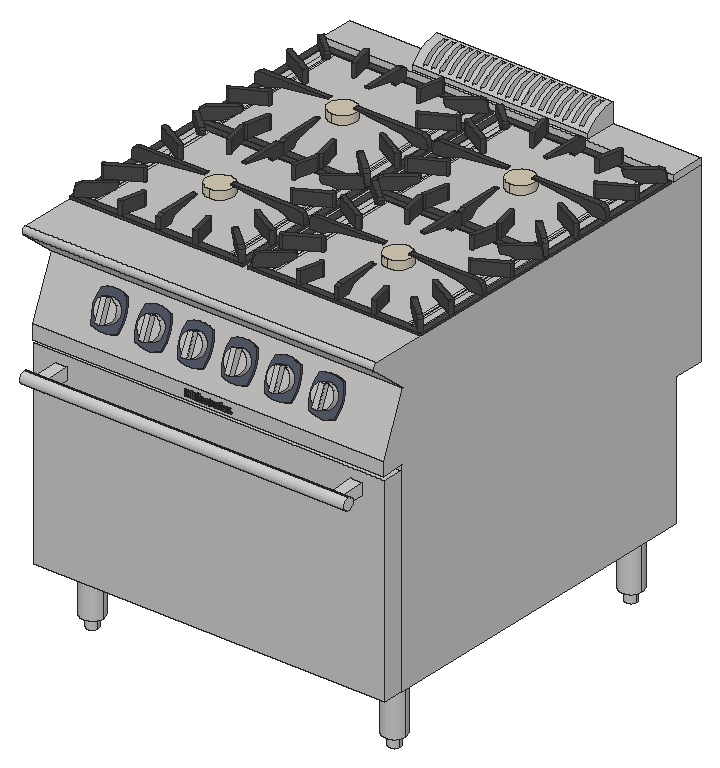
Revit family "QF_ELECTROLUXPROFESSIONAL_391457_E9AAMCBCMEE", category Specialty Equipment, Revit 2023 (continued)
Automatic sketch dimensions
  Extrusion 17 sketch curve to Extrusion 17 sketch curve = 0 mm  (x2)
  Extrusion 17 sketch curve to Extrusion 17 sketch curve = 1.593 mm
  Extrusion 17 sketch curve to Extrusion 17 sketch curve = 5.756 mm
  Extrusion 17 sketch curve to Extrusion 17 sketch curve = 4.906 mm
  Extrusion 17 sketch curve to Extrusion 17 sketch curve = 5.312 mm
  plane 5 "FRONT" to Extrusion 17 sketch curve = 22.691 mm
  Extrusion 17 sketch curve to Extrusion 17 sketch curve = 11.3 mm
  Extrusion 17 sketch curve to Extrusion 17 sketch curve = 28.009 mm
  Extrusion 17 sketch curve to Extrusion 17 sketch curve = 2.83 mm
  Extrusion 18 sketch curve to plane 18 = 0 mm
  Extrusion 18 sketch curve to plane 12 = 298.908 mm
  plane 5 "FRONT" to Extrusion 18 sketch curve = 31.821 mm
  Extrusion 18 sketch curve to Extrusion 18 sketch curve = 3.343 mm
  Extrusion 18 sketch curve to Extrusion 18 sketch curve = 2.066 mm
  Extrusion 18 sketch curve to Extrusion 18 sketch curve = 0 mm  (x2)
  Extrusion 18 sketch curve to Extrusion 18 sketch curve = 1.593 mm
  Extrusion 18 sketch curve to Extrusion 18 sketch curve = 5.756 mm
  Extrusion 18 sketch curve to Extrusion 18 sketch curve = 4.906 mm
  Extrusion 18 sketch curve to Extrusion 18 sketch curve = 5.312 mm
  plane 5 "FRONT" to Extrusion 18 sketch curve = 22.691 mm
  Extrusion 18 sketch curve to Extrusion 18 sketch curve = 11.3 mm
  Extrusion 18 sketch curve to Extrusion 18 sketch curve = 28.009 mm
  Extrusion 18 sketch curve to Extrusion 18 sketch curve = 11.2 mm
  Extrusion 1 to Split face 1 sketch curve = 14.837 mm
  Split face 1 sketch curve to Extrusion 1 = 288.713 mm
  Extrusion 1 to Split face 2 sketch curve = 14.837 mm
  Split face 2 sketch curve to Extrusion 1 = 288.713 mm
  Extrusion 20 sketch curve to Extrusion 1 = 51 mm
  Extrusion 20 sketch curve to Extrusion 1 = 186.437 mm
  Extrusion 21 sketch curve to Extrusion 1 = 151 mm
  Extrusion 21 sketch curve to Extrusion 1 = 316.437 mm
  plane 5 "FRONT" to curve 1 = 0 mm
  plane 1 "BACK" to curve 5 = 0 mm
  curve 5 to plane 4 "RIGHT" = 0 mm
  plane 5 "FRONT" to curve 11 = 0 mm
  curve 10 to plane 3 "LEFT" = 0 mm
  curve 1 to plane 3 "LEFT" = 100.013 mm
  curve 2 to plane 4 "RIGHT" = 100.013 mm
  plane 17 to curve 11 = 0 mm
  curve 3 to plane 5 "FRONT" = 0.396 mm
  plane 11 to curve 7 = 4.762 mm
  curve 2 to plane 1 "BACK" = 100.013 mm
  Extrusion 10 sketch curve to Extrusion 9 = 0 mm  (x2)
  Extrusion 9 to Extrusion 10 sketch curve = 31.592 mm
  Extrusion 9 to Extrusion 10 sketch curve = 0.189 mm
  Extrusion 10 sketch curve to Extrusion 9 = 37.955 mm
  Extrusion 1 sketch curve to plane 12 = 0 mm
  Extrusion 1 sketch curve to plane 9 = 0 mm
  Extrusion 1 sketch curve to plane 1 "BACK" = 0 mm
  plane 16 to Extrusion 1 sketch curve = 44.681 mm
  plane 18 to Extrusion 1 sketch curve = 48.563 mm
  Extrusion 1 sketch curve to Extrusion 1 sketch curve = 3.175 mm
  Extrusion 1 sketch curve to Extrusion 1 sketch curve = 0.442 mm
  Extrusion 1 sketch curve to plane 18 = 2.478 mm
  Extrusion 1 sketch curve to plane 5 "FRONT" = 8.995 mm
  Extrusion 1 sketch curve to plane 5 "FRONT" = 3.18 mm
  Extrusion 1 sketch curve to plane 12 = 240.721 mm
  Extrusion 1 sketch curve to Extrusion 1 sketch curve = 1.552 mm
  Extrusion 1 sketch curve to Extrusion 1 sketch curve = 31.298 mm
  Extrusion 1 sketch curve to plane 12 = 84.067 mm
  Extrusion 1 sketch curve to plane 12 = 15.842 mm
  plane 13 to curve 16 = 25.075 mm
  plane 13 to curve 14 = 5.2 mm
  curve 15 to plane 13 = 20.2 mm
  curve 21 to plane 14 = 20.2 mm
  plane 14 to curve 19 = 5.2 mm
  plane 20 to curve 19 = 12.075 mm
  plane 5 "FRONT" to curve 16 = 46.591 mm
  curve 14 to curve 15 = 36.993 mm
  curve 17 to curve 20 = 9.598 mm
  curve 14 to curve 23 = 15.8 mm
  curve 20 to curve 19 = 15.802 mm
  plane 5 "FRONT" to curve 16 = 21.191 mm
  plane 11 to curve 24 = 11.113 mm
  plane 19 to curve 24 = 47.9 mm
  curve 24 to plane 13 = 144 mm
  curve 24 to curve 28 = 20.698 mm
  curve 25 to curve 27 = 9.296 mm
  plane 11 to curve 25 = 17.052 mm
  plane 1 "BACK" to curve 26 = 6.761 mm
  curve 27 to curve 29 = 9.397 mm
  curve 29 to curve 30 = 9.296 mm
  plane 11 to curve 32 = 17.052 mm
  plane 1 "BACK" to curve 30 = 6.761 mm
  curve 31 to curve 33 = 9.397 mm
  curve 33 to curve 34 = 9.296 mm
  plane 11 to curve 36 = 17.052 mm
  plane 1 "BACK" to curve 35 = 6.761 mm
  curve 34 to curve 37 = 9.397 mm
  curve 37 to curve 38 = 9.296 mm
  plane 11 to curve 40 = 17.052 mm
  plane 1 "BACK" to curve 39 = 6.761 mm
  curve 38 to curve 41 = 9.397 mm
  curve 41 to curve 42 = 9.296 mm
  plane 11 to curve 44 = 17.052 mm
  plane 1 "BACK" to curve 43 = 6.761 mm
  curve 42 to curve 45 = 9.397 mm
  curve 45 to curve 48 = 9.296 mm
  curve 43 to curve 45 = 0 mm
  plane 1 "BACK" to curve 47 = 6.761 mm
  curve 46 to curve 49 = 9.397 mm
  curve 49 to curve 52 = 9.296 mm
  curve 47 to curve 49 = 0 mm
  plane 1 "BACK" to curve 51 = 6.761 mm
  curve 51 to curve 56 = 9.397 mm
  curve 53 to curve 56 = 9.296 mm
  curve 51 to curve 53 = 0 mm
  plane 1 "BACK" to curve 55 = 6.761 mm
  curve 55 to curve 57 = 9.397 mm
  curve 57 to curve 60 = 9.296 mm
  curve 55 to curve 57 = 0 mm
  plane 1 "BACK" to curve 59 = 6.761 mm
  curve 58 to curve 61 = 9.397 mm
  curve 64 to plane 7 "Center Y" = 1.823 mm
  curve 59 to curve 61 = 0 mm
  plane 1 "BACK" to curve 63 = 6.761 mm
  plane 7 "Center Y" to curve 65 = 7.574 mm
  curve 65 to curve 68 = 8.858 mm
  curve 63 to curve 65 = 0 mm
  plane 1 "BACK" to curve 67 = 6.761 mm
  curve 67 to curve 72 = 9.397 mm
  curve 69 to curve 72 = 9.296 mm
  curve 67 to curve 69 = 0 mm
  plane 1 "BACK" to curve 71 = 6.761 mm
  curve 70 to curve 73 = 9.397 mm
  curve 73 to curve 76 = 9.296 mm
  curve 71 to curve 73 = 0 mm
  plane 1 "BACK" to curve 75 = 6.761 mm
  curve 74 to curve 77 = 9.397 mm
  curve 77 to curve 80 = 9.296 mm
  curve 75 to curve 77 = 0 mm
  plane 1 "BACK" to curve 79 = 6.761 mm
  curve 79 to curve 81 = 9.397 mm
  curve 81 to curve 84 = 9.296 mm
  curve 79 to curve 81 = 0 mm
  plane 1 "BACK" to curve 83 = 6.761 mm
  curve 82 to curve 85 = 9.397 mm
  curve 85 to curve 88 = 9.296 mm
  curve 83 to curve 85 = 0 mm
  plane 1 "BACK" to curve 87 = 6.761 mm
  curve 87 to curve 89 = 9.397 mm
  curve 89 to curve 92 = 9.296 mm
  curve 87 to curve 89 = 0 mm
  plane 1 "BACK" to curve 91 = 6.761 mm
  curve 90 to curve 93 = 9.397 mm
  curve 96 to plane 19 = 4.77 mm
  curve 91 to curve 93 = 0 mm
  plane 1 "BACK" to curve 95 = 6.761 mm
  plane 19 to curve 97 = 4.627 mm
  curve 97 to curve 100 = 9.296 mm
  curve 95 to curve 97 = 0 mm
  plane 1 "BACK" to curve 99 = 6.761 mm
  curve 98 to curve 101 = 9.397 mm
  curve 101 to curve 104 = 9.296 mm
  curve 99 to curve 101 = 0 mm
  plane 1 "BACK" to curve 103 = 6.761 mm
  radius of Extrusion 6 sketch curve = 25.4 mm  (x6)
  radius of Extrusion 7 sketch curve to Extrusion 6 = 0 mm  (x8)
  radius of Extrusion 16 sketch curve to Extrusion 18 = 0 mm
  radius of Extrusion 19 sketch curve = 12.7 mm
  radius of Split face 1 sketch curve = 5 mm
  radius of Split face 2 sketch curve = 5 mm
  radius of Extrusion 20 sketch curve = 6.4 mm
  radius of Extrusion 21 sketch curve = 12.7 mm
Nested families
  nested 1: "371009_BURNER" at (393.7, -440.488, 0) x (-1, 0, 0) z (0, 0, 1), type "371009_BURNER"
    with Type Mark "", Status "", Specification by User "", Revision Code "", Item Number "", Installed By "", Identify Quantity as Lot yes, Furnished By "", Foodservice Equipment Identifier yes
  nested 2: "371009_BURNER" at (393.7, -440.488, 0) x (-1, 0, 0) z (0, 0, 1), type "371009_BURNER"
    with Type Mark "", Status "", Specification by User "", Revision Code "", Item Number "", Installed By "", Identify Quantity as Lot yes, Furnished By "", Foodservice Equipment Identifier yes
  nested 3: "371009_BURNER" at (406.4, -440.488, 0), type "371009_BURNER"
    with Type Mark "", Status "", Specification by User "", Revision Code "", Item Number "", Installed By "", Identify Quantity as Lot yes, Furnished By "", Foodservice Equipment Identifier yes
  nested 4: "371009_BURNER" at (406.4, -440.488, 0), type "371009_BURNER"
    with Type Mark "", Status "", Specification by User "", Revision Code "", Item Number "", Installed By "", Identify Quantity as Lot yes, Furnished By "", Foodservice Equipment Identifier yes
Connectors
  piping at (749.1, -665, 129), diameter 12.8
    settings: on Extrusion 20, index 1, connector inside diameter 0.50394", connector length 0 mm, flow factor 0, pipe flow 0 GPM, pressure drop 0.00 psi, fitting loss kfactor 0, connector angle 0.00°, fixture units 0, engagement length 0 mm, angle of deflection 0.00°, flow configuration 1, flow direction 1, fitting loss method 0, system type 7, joint type 0, gender type 0, connector reference index -1, connector utility 0, adjustable connector no, is connector primary yes, connector description "GAS CONNECTION"
  electrical at (757.1, -760, 146)
    settings: on Extrusion 19, index 2, voltage 400 V, apparent load 0 VA, apparent load phase1 0 VA, apparent load phase2 0 VA, apparent load phase3 0 VA, power factor 1, load classification "Other", number of poles 1, system type 30, power factor state 1, is connector primary yes, connector utility no, sub classification motor no, connector description "ELECTRICAL CONNECTION"
Definition of nested family "371009_BURNER"
  Parameters
    Weight in Pounds = 0
    URL Cutsheet = ""
    URL = "www.electrolux.com"
    Type Mark [instance] = ""
    Status [instance] = ""
    Specification by User [instance] = ""
    Specification by Manufacturer = ""
    Show Clearance [instance] = yes
    Serial Number = ""
    Seismic Rating = ""
    SMACNA No = ""
    Revision Code [instance] = ""
    Omniclass Number and Title = ""
    NAFEM Spec ID Number = ""
    Model = "371009"
    Masterspec = ""
    Manufacturer = "ELECTROLUX"
    Item Number [instance] = ""
    Installed By [instance] = ""
    Identify Quantity as Lot [instance] = yes
    Furnished By [instance] = ""
    Foodservice Equipment Identifier [instance] = yes
    Description = ""
    Default Elevation = 0 mm
    CSI MasterFormat = ""
    CSI Master Format = ""
  Reference planes
    plane 1 "BACK": y = 0
    plane 2: z = 0
    plane 3 "LEFT": x = 0
    plane 4 "RIGHT": x = 393.7
    plane 5 "FRONT": y = -355.6
    plane 6 "TOP": z = 908.85
    plane 7 "Center Y": x = 196.85
    plane 8 "Center X": y = -177.8
    plane 9 "Base": z = 150
    plane 10: z = 850.85
  Forms (mm)
    Extrusion 1, solid
      sketch origin (-6.433, -404.961, 5) x (1, 0, 0) y (0, 0, -1)
        loop
          arc (7.142, -850.85) -> (6.739, -862.989) -> (9.761, -874.752) r 42.809
          line (9.761, -874.752) -> (19.961, -879.425) -> (173.122, -879.425)
          arc (173.122, -879.425) -> (174.316, -878.312) -> (173.289, -877.043) r 1.197
          line (173.289, -877.043) -> (64.848, -864.021)
          arc (64.848, -864.021) -> (50.111, -858.738) -> (36.589, -850.85) r 85.245
          line (36.589, -850.85) -> (7.142, -850.85)
        loop
          line (399.424, -850.85) -> (369.977, -850.85)
          arc (369.977, -850.85) -> (356.455, -858.738) -> (341.718, -864.021) r 85.245
          line (341.718, -864.021) -> (233.277, -877.043)
          arc (233.277, -877.043) -> (232.25, -878.312) -> (233.444, -879.425) r 1.197
          line (233.444, -879.425) -> (386.605, -879.425) -> (396.806, -874.752)
          arc (396.806, -874.752) -> (399.827, -862.989) -> (399.424, -850.85) r 42.809
      from 224.564 to 234.564
    Extrusion 2, solid
      sketch origin (196.85, 175.397, 1219.2) x (0, 1, 0) y (0, 0, 1)
        loop
          line (-204.463, -363.35) -> (-175.397, -363.35) -> (-175.397, -339.506)
          arc (-175.397, -339.506) -> (-181.025, -338.266) -> (-185.611, -334.775) r 13.39
          line (-185.611, -334.775) -> (-278.903, -334.775)
          arc (-278.903, -334.775) -> (-280.097, -335.888) -> (-279.07, -337.157) r 1.197
          line (-279.07, -337.157) -> (-227.151, -347.464)
          arc (-227.151, -347.464) -> (-213.741, -352.457) -> (-204.463, -363.35) r 28.426
        loop
          arc (-496.332, -363.35) -> (-487.053, -352.457) -> (-473.644, -347.464) r 28.426
          line (-473.644, -347.464) -> (-421.725, -337.157)
          arc (-421.725, -337.157) -> (-420.697, -335.888) -> (-421.891, -334.775) r 1.197
          line (-421.891, -334.775) -> (-515.184, -334.775)
          arc (-515.184, -334.775) -> (-519.769, -338.266) -> (-525.397, -339.506) r 13.39
          line (-525.397, -339.506) -> (-525.397, -363.35) -> (-496.332, -363.35)
      from -5 to 5
    Extrusion 3, solid
      sketch origin (-6.433, 367.064, 850.85) x (0, -1, 0) y (1, 0, 0)
        loop
          line (722.664, 6.433) -> (722.664, 400.133) -> (367.064, 400.133) -> (367.064, 6.433) -> (722.664, 6.433)
        loop
          line (382.064, 21.433) -> (707.664, 21.433) -> (707.664, 385.133) -> (382.064, 385.133) -> (382.064, 21.433)
      from 0 to 5
    Extrusion 4, solid
      sketch origin (-18.933, 367.064, 855.85) x (0, -1, 0) y (1, 0, 0)
        loop
          circle (541.667, 215.783) r 30
      from -1.321 to 17.134
    Extrusion 5, solid
      sketch origin (-6.433, -367.064, 0) x (1, 0, 0) y (0, 0, -1)
        loop
          line (21.433, -855.85) -> (36.589, -855.85)
          arc (36.589, -855.85) -> (40.561, -855.243) -> (44.305, -853.783) r 18.259
          arc (44.305, -853.783) -> (45.997, -853.366) -> (47.69, -853.783) r 3.649
          arc (47.69, -853.783) -> (49.901, -854.522) -> (52.232, -854.529) r 7.328
          line (52.232, -854.529) -> (354.334, -854.529)
          arc (354.334, -854.529) -> (356.666, -854.522) -> (358.877, -853.783) r 7.328
          arc (358.877, -853.783) -> (360.569, -853.366) -> (362.261, -853.783) r 3.649
          arc (362.261, -853.783) -> (366.005, -855.243) -> (369.977, -855.85) r 18.259
          line (369.977, -855.85) -> (385.133, -855.85) -> (385.133, -850.85) -> (21.433, -850.85) -> (21.433, -855.85)
      from 26.464 to 352.064
    Extrusion 6, solid
      sketch origin (83.284, -458.334, 5) x (0.742103, 0.670286, 0) y (0, 0, -1)
        loop
          arc (88.629, -864.012) -> (73.909, -858.731) -> (60.402, -850.85) r 85.245
          line (60.402, -850.85) -> (14.993, -850.85)
          arc (14.993, -850.85) -> (14.642, -862.948) -> (17.686, -874.663) r 42.876
          line (17.686, -874.663) -> (27.899, -879.425) -> (89.664, -879.425)
          arc (89.664, -879.425) -> (92.39, -878.352) -> (93.654, -875.709) r 4
          arc (93.654, -875.709) -> (92.562, -869.25) -> (88.629, -864.012) r 13.87
        loop
          arc (457.638, -864.012) -> (453.704, -869.25) -> (452.613, -875.709) r 13.87
          arc (452.613, -875.709) -> (453.876, -878.352) -> (456.603, -879.425) r 4
          line (456.603, -879.425) -> (518.367, -879.425) -> (528.581, -874.663)
          arc (528.581, -874.663) -> (531.624, -862.948) -> (531.273, -850.85) r 42.876
          line (531.273, -850.85) -> (485.865, -850.85)
          arc (485.865, -850.85) -> (472.357, -858.731) -> (457.638, -864.012) r 85.245
      from 127.064 to 137.064
    Extrusion 7, solid
      sketch origin (310.416, -458.334, 5) x (-0.742103, 0.670286, 0) y (0, 0, 1)
        loop
          arc (88.629, 864.012) -> (92.562, 869.25) -> (93.654, 875.709) r 13.87
          arc (93.654, 875.709) -> (92.39, 878.352) -> (89.664, 879.425) r 4
          line (89.664, 879.425) -> (27.899, 879.425) -> (17.686, 874.663)
          arc (17.686, 874.663) -> (14.642, 862.948) -> (14.993, 850.85) r 42.876
          line (14.993, 850.85) -> (60.402, 850.85)
          arc (60.402, 850.85) -> (73.909, 858.731) -> (88.629, 864.012) r 85.245
        loop
          arc (457.638, 864.012) -> (472.357, 858.731) -> (485.865, 850.85) r 85.245
          line (485.865, 850.85) -> (531.273, 850.85)
          arc (531.273, 850.85) -> (531.624, 862.948) -> (528.581, 874.663) r 42.876
          line (528.581, 874.663) -> (518.367, 879.425) -> (456.603, 879.425)
          arc (456.603, 879.425) -> (453.876, 878.352) -> (452.613, 875.709) r 4
          arc (452.613, 875.709) -> (453.704, 869.25) -> (457.638, 864.012) r 13.87
      from 127.064 to 137.064
    Extrusion 8, solid
      sketch origin (-6.433, 367.064, 855.85) x (0, -1, 0) y (1, 0, 0)
        loop
          arc (626.166, 9.428) -> (632.956, 7.454) -> (634.93, 14.244) r 5
          line (634.93, 14.244) -> (600.514, 76.878)
          arc (600.514, 76.878) -> (593.724, 78.852) -> (591.75, 72.062) r 5
          line (591.75, 72.062) -> (626.166, 9.428)
        loop
          line (463.562, 9.428) -> (497.977, 72.062)
          arc (497.977, 72.062) -> (496.003, 78.852) -> (489.213, 76.878) r 5
          line (489.213, 76.878) -> (454.798, 14.244)
          arc (454.798, 14.244) -> (456.772, 7.454) -> (463.562, 9.428) r 5
        loop
          line (626.166, 397.138) -> (591.75, 334.504)
          arc (591.75, 334.504) -> (593.724, 327.714) -> (600.514, 329.689) r 5
          line (600.514, 329.689) -> (634.93, 392.323)
          arc (634.93, 392.323) -> (632.956, 399.113) -> (626.166, 397.138) r 5
        loop
          arc (463.562, 397.138) -> (456.772, 399.113) -> (454.798, 392.323) r 5
          line (454.798, 392.323) -> (489.213, 329.689)
          arc (489.213, 329.689) -> (496.003, 327.714) -> (497.977, 334.504) r 5
          line (497.977, 334.504) -> (463.562, 397.138)
        loop
          line (715.14, 293.499) -> (666.703, 282.317)
          arc (666.703, 282.317) -> (662.956, 276.32) -> (668.953, 272.573) r 5
          line (668.953, 272.573) -> (717.389, 283.756)
          arc (717.389, 283.756) -> (721.136, 289.752) -> (715.14, 293.499) r 5
        loop
          arc (715.14, 113.067) -> (721.136, 116.814) -> (717.389, 122.811) r 5
          line (717.389, 122.811) -> (668.953, 133.993)
          arc (668.953, 133.993) -> (662.956, 130.246) -> (666.703, 124.249) r 5
          line (666.703, 124.249) -> (715.14, 113.067)
        loop
          arc (374.588, 293.499) -> (368.591, 289.752) -> (372.338, 283.756) r 5
          line (372.338, 283.756) -> (420.775, 272.573)
          arc (420.775, 272.573) -> (426.771, 276.32) -> (423.024, 282.317) r 5
          line (423.024, 282.317) -> (374.588, 293.499)
        loop
          line (374.588, 113.067) -> (423.024, 124.249)
          arc (423.024, 124.249) -> (426.771, 130.246) -> (420.775, 133.993) r 5
          line (420.775, 133.993) -> (372.338, 122.811)
          arc (372.338, 122.811) -> (368.591, 116.814) -> (374.588, 113.067) r 5
      from 0 to 28.575
  Lines and regions (mm)
    symbolic lines
      curve 1: line (0, -355.6, 150) -> (393.7, -355.6, 150)
      curve 2: line (0, 0, 150) -> (0, -355.6, 150)
      curve 3: line (393.7, -355.6, 150) -> (393.7, 0, 150)
      curve 4: line (369.633, -15, 150) -> (285.34, -15, 150)
      curve 5: line (24.067, -340.6, 150) -> (108.36, -340.6, 150)
      curve 6: line (157.475, -170.397, 150) -> (157.475, -15, 150)
      curve 7: line (236.225, -170.397, 150) -> (236.225, -15, 150)
      curve 8: line (201.85, -350, 150) -> (201.85, -176.674, 150)
      curve 9: line (0, -180.397, 150) -> (167.224, -180.397, 150)
      curve 10: line (393.7, -170.397, 150) -> (228.275, -170.397, 150)
      curve 11: line (15, -180.397, 150) -> (15, -252.506, 150)
      curve 12: line (45.799, -340.6, 150) -> (45.799, -320.971, 150)
      curve 13: line (167.224, -170.397, 150) -> (0, -170.397, 150)
      curve 14: line (228.275, -180.504, 150) -> (393.7, -180.504, 150)
      curve 15: arc (228.275, -170.397, 150) -> (223.221, -175.45, 150) -> (228.275, -180.504, 150) r 5.054
      curve 16: arc (167.224, -170.397, 150) -> (172.224, -175.397, 150) -> (167.224, -180.397, 150) r 5
      curve 17: line (191.85, -176.674, 150) -> (191.85, -350, 150)
      curve 18: line (201.85, -134.556, 150) -> (201.85, -0.794, 150)
      curve 19: arc (201.85, -176.674, 150) -> (196.85, -171.674, 150) -> (191.85, -176.674, 150) r 5
      curve 20: arc (201.85, -134.556, 150) -> (196.85, -139.556, 150) -> (191.85, -134.556, 150) r 5
      curve 21: line (191.85, -15, 150) -> (118.623, -15, 150)
      curve 22: arc (201.85, -29.042, 150) -> (213.272, -50.008, 150) -> (201.85, -70.973, 150) r 24.953
      curve 23: arc (213.086, -53.048, 150) -> (214.5, -50.008, 150) -> (213.086, -46.967, 150) r 3.975
      curve 24: arc (191.85, -29.852, 150) -> (181.339, -50.008, 150) -> (191.85, -70.163, 150) r 24.58
      curve 25: arc (181.527, -53.042, 150) -> (179.976, -50.008, 150) -> (181.527, -46.973, 150) r 3.745
      curve 26: line (191.85, -0.794, 150) -> (191.85, -134.556, 150)
      curve 27: line (191.85, -350, 150) -> (201.85, -350, 150)
      curve 28: line (191.85, -11.007, 150) -> (201.85, -11.007, 150)
      curve 29: line (191.85, -0.794, 150) -> (201.85, -0.794, 150)
      curve 30: line (201.85, -340.6, 150) -> (275.077, -340.6, 150)
      curve 31: arc (196.85, -145.397, 0) -> (166.955, -172.888, 0) -> (191.85, -204.977, 0) r 30
      curve 32: arc (201.85, -204.977, 0) -> (226.745, -172.888, 0) -> (196.85, -145.397, 0) r 30
      curve 33: arc (158.678, -180.397, 0) -> (170.734, -200.207, 0) -> (191.85, -209.795, 0) r 39.375
      curve 34: line (163.825, -170.397, 150) -> (163.825, -15, 150)
      curve 35: line (229.875, -170.397, 150) -> (229.875, -15, 150)
      curve 36: line (144.775, -170.397, 150) -> (144.775, -15, 150)
      curve 37: line (248.925, -170.397, 150) -> (248.925, -15, 150)
      curve 38: arc (145.678, -180.397, 0) -> (161.728, -209.187, 0) -> (191.85, -222.573, 0) r 52.075
      curve 39: arc (201.85, -209.795, 0) -> (222.966, -200.207, 0) -> (235.022, -180.397, 0) r 39.375
      curve 40: arc (201.85, -222.573, 0) -> (231.931, -209.224, 0) -> (248.001, -180.504, 0) r 52.075
      curve 41: line (393.7, 0, 0) -> (0, 0, 0)
      curve 42: line (70.445, -122.149, 0) -> (7.81, -87.734, 0)
      curve 43: arc (7.81, -87.734, 0) -> (1.021, -89.708, 0) -> (2.995, -96.498, 0) r 5
      curve 44: line (2.995, -96.498, 0) -> (65.629, -130.914, 0)
      curve 45: arc (65.629, -130.914, 0) -> (72.419, -128.939, 0) -> (70.445, -122.149, 0) r 5
      curve 46: line (65.629, -224.686, 0) -> (2.995, -259.102, 0)
      curve 47: arc (2.995, -259.102, 0) -> (1.021, -265.892, 0) -> (7.81, -267.866, 0) r 5
      curve 48: line (7.81, -267.866, 0) -> (70.445, -233.451, 0)
      curve 49: arc (70.445, -233.451, 0) -> (72.419, -226.661, 0) -> (65.629, -224.686, 0) r 5
      curve 50: line (323.255, -122.149, 0) -> (385.89, -87.734, 0)
      curve 51: arc (385.89, -87.734, 0) -> (392.679, -89.708, 0) -> (390.705, -96.498, 0) r 5
      curve 52: line (390.705, -96.498, 0) -> (328.071, -130.914, 0)
      curve 53: arc (328.071, -130.914, 0) -> (321.281, -128.939, 0) -> (323.255, -122.149, 0) r 5
      curve 54: line (328.071, -224.686, 0) -> (390.705, -259.102, 0)
      curve 55: arc (390.705, -259.102, 0) -> (392.679, -265.892, 0) -> (385.89, -267.866, 0) r 5
      curve 56: line (385.89, -267.866, 0) -> (323.255, -233.451, 0)
      curve 57: arc (323.255, -233.451, 0) -> (321.281, -226.661, 0) -> (328.071, -224.686, 0) r 5
      curve 58: line (118.623, -340.6, 150) -> (191.85, -340.6, 150)
      curve 59: line (285.34, -340.6, 150) -> (369.633, -340.6, 150)
      curve 60: line (378.7, -335.314, 0) -> (378.7, -263.916, 0)
      curve 61: line (1.326, -7.935, 0) -> (58.752, -59.804, 0)
      curve 62: line (65.455, -52.383, 0) -> (8.029, -0.514, 0)
      curve 63: arc (58.752, -59.804, 0) -> (65.814, -59.445, 0) -> (65.455, -52.383, 0) r 5
      curve 64: line (1.326, -7.935, 0) -> (8.029, -0.514, 0)
      curve 65: line (392.374, -7.935, 0) -> (334.948, -59.804, 0)
      curve 66: line (328.245, -52.383, 0) -> (385.671, -0.514, 0)
      curve 67: arc (334.948, -59.804, 0) -> (327.886, -59.445, 0) -> (328.245, -52.383, 0) r 5
      curve 68: line (392.374, -7.935, 0) -> (385.671, -0.514, 0)
      curve 69: line (392.374, -347.665, 0) -> (334.948, -295.796, 0)
      curve 70: line (328.245, -303.217, 0) -> (385.671, -355.086, 0)
      curve 71: arc (334.948, -295.796, 0) -> (327.886, -296.155, 0) -> (328.245, -303.217, 0) r 5
      curve 72: line (392.374, -347.665, 0) -> (385.671, -355.086, 0)
      curve 73: line (1.326, -347.665, 0) -> (58.752, -295.796, 0)
      curve 74: line (65.455, -303.217, 0) -> (8.029, -355.086, 0)
      curve 75: arc (58.752, -295.796, 0) -> (65.814, -296.155, 0) -> (65.455, -303.217, 0) r 5
      curve 76: line (1.326, -347.665, 0) -> (8.029, -355.086, 0)
      curve 77: line (347.901, -15, 0) -> (347.901, -34.629, 0)
      curve 78: line (347.901, -320.971, 0) -> (347.901, -340.6, 0)
      curve 79: line (378.7, -252.506, 0) -> (378.7, -180.397, 0)
      curve 80: line (347.901, -246.993, 0) -> (347.901, -307.496, 0)
      curve 81: line (378.7, -170.397, 0) -> (378.7, -103.094, 0)
      curve 82: line (347.901, -180.397, 0) -> (347.901, -235.582, 0)
      curve 83: line (378.7, -91.684, 0) -> (378.7, -20.286, 0)
      curve 84: line (347.901, -120.018, 0) -> (347.901, -170.397, 0)
      curve 85: line (347.901, -48.104, 0) -> (347.901, -108.607, 0)
      curve 86: line (275.077, -15, 150) -> (201.85, -15, 150)
      curve 87: line (108.36, -15, 150) -> (24.067, -15, 150)
      curve 88: line (45.799, -40, 150) -> (45.799, -15, 150)
      curve 89: line (45.799, -108.607, 150) -> (45.799, -40, 150)
      curve 90: line (15, -20.286, 0) -> (15, -91.684, 0)
      curve 91: line (15, -103.094, 0) -> (15, -170.397, 0)
      curve 92: line (45.799, -170.397, 150) -> (45.799, -120.018, 150)
      curve 93: line (45.799, -235.582, 150) -> (45.799, -180.397, 150)
      curve 94: line (15, -263.916, 150) -> (15, -335.314, 150)
      curve 95: line (45.799, -307.496, 150) -> (45.799, -246.993, 150)
      curve 96: line (116.378, -350.325, 0) -> (127.56, -301.889, 0)
      curve 97: arc (127.56, -301.889, 0) -> (123.813, -295.892, 0) -> (117.816, -299.64, 0) r 5
      curve 98: line (117.816, -299.64, 0) -> (106.634, -348.076, 0)
      curve 99: arc (106.634, -348.076, 0) -> (110.381, -354.072, 0) -> (116.378, -350.325, 0) r 5
      curve 100: line (266.14, -301.889, 0) -> (277.322, -350.325, 0)
      curve 101: arc (277.322, -350.325, 0) -> (283.319, -354.072, 0) -> (287.066, -348.076, 0) r 5
      curve 102: line (287.066, -348.076, 0) -> (275.884, -299.64, 0)
      curve 103: arc (275.884, -299.64, 0) -> (269.887, -295.892, 0) -> (266.14, -301.889, 0) r 5
      curve 104: line (275.884, -55.96, 0) -> (287.066, -7.524, 0)
      curve 105: arc (287.066, -7.524, 0) -> (283.319, -1.528, 0) -> (277.322, -5.275, 0) r 5
      curve 106: line (277.322, -5.275, 0) -> (266.14, -53.711, 0)
      curve 107: arc (266.14, -53.711, 0) -> (269.887, -59.708, 0) -> (275.884, -55.96, 0) r 5
      curve 108: line (127.56, -53.711, 0) -> (116.378, -5.275, 0)
      curve 109: arc (116.378, -5.275, 0) -> (110.381, -1.528, 0) -> (106.634, -7.524, 0) r 5
      curve 110: line (106.634, -7.524, 0) -> (117.816, -55.96, 0)
      curve 111: arc (117.816, -55.96, 0) -> (123.813, -59.708, 0) -> (127.56, -53.711, 0) r 5
  Dimensions and locks
    equal spacing: plane 3 "LEFT", plane 7 "Center Y", plane 4 "RIGHT"
    plane 3 "LEFT" to plane 4 "RIGHT" = 393.7 mm
    equal spacing: plane 5 "FRONT", plane 8 "Center X", plane 1 "BACK"
    plane 5 "FRONT" to plane 1 "BACK" = 355.6 mm
    plane 6 "TOP" to level = 908.85 mm
    plane 9 "Base" to level = 150 mm
    plane 6 "TOP" to plane 10 = 58 mm  (x2)
    locked: Extrusion 4 sketch curve to plane 7 "Center Y" at 0
    aligned and locked: level to plane 2
  Automatic sketch dimensions
    curve 10 to plane 4 "RIGHT" = 0 mm
    curve 20 to plane 7 "Center Y" = 0 mm
    curve 19 to plane 7 "Center Y" = 0 mm
    curve 9 to plane 3 "LEFT" = 0 mm
    plane 1 "BACK" to curve 2 = 0 mm
    plane 1 "BACK" to curve 3 = 0 mm
    plane 5 "FRONT" to curve 2 = 0 mm
    curve 4 to plane 4 "RIGHT" = 24.067 mm
    curve 59 to plane 4 "RIGHT" = 24.067 mm
    plane 1 "BACK" to curve 37 = 15 mm
    plane 7 "Center Y" to curve 37 = 52.075 mm
    curve 37 to curve 7 = 12.7 mm
    curve 7 to curve 35 = 6.35 mm
    plane 8 "Center X" to curve 15 = 2.35 mm
    curve 35 to curve 15 = 1.6 mm
    plane 7 "Center Y" to curve 23 = 16.236 mm
    curve 23 to curve 23 = 0 mm
    curve 23 to curve 23 = 2.56 mm
    curve 23 to curve 24 = 4.607 mm
    plane 7 "Center Y" to curve 86 = 5 mm
    plane 7 "Center Y" to curve 27 = 5 mm
    curve 22 to plane 7 "Center Y" = 8.531 mm
    curve 22 to curve 25 = 4.597 mm
    curve 25 to curve 25 = 2.194 mm  (x2)
    curve 9 to plane 8 "Center X" = 2.597 mm
    curve 17 to curve 9 = 24.626 mm
    curve 21 to curve 34 = 28.025 mm
    curve 34 to curve 6 = 6.35 mm
    plane 8 "Center X" to curve 36 = 7.403 mm
    curve 6 to curve 36 = 12.7 mm
    plane 3 "LEFT" to curve 12 = 45.799 mm
    plane 3 "LEFT" to curve 87 = 24.067 mm
    plane 3 "LEFT" to curve 5 = 24.067 mm
    plane 1 "BACK" to curve 26 = 0.794 mm
    curve 28 to curve 86 = 3.993 mm
    curve 28 to curve 21 = 3.993 mm
    curve 86 to curve 22 = 14.042 mm
    curve 22 to curve 24 = 0.81 mm
    curve 22 to curve 23 = 17.925 mm
    curve 25 to curve 22 = 3.035 mm
    plane 8 "Center X" to curve 26 = 43.244 mm
    curve 15 to curve 15 = 5.054 mm
    plane 8 "Center X" to curve 17 = 1.126 mm
    curve 94 to curve 12 = 5.286 mm
    curve 58 to plane 5 "FRONT" = 15 mm
    curve 59 to plane 5 "FRONT" = 15 mm
    curve 8 to plane 5 "FRONT" = 5.6 mm
    plane 3 "LEFT" to Extrusion 1 sketch curve = 0.709 mm
    plane 3 "LEFT" to Extrusion 1 sketch curve = 3.327 mm
    Extrusion 1 sketch curve to Extrusion 1 sketch curve = 10.201 mm
    plane 10 to Extrusion 1 sketch curve = 5 mm  (x2)
    Extrusion 1 sketch curve to Extrusion 1 sketch curve = 29.447 mm
    Extrusion 1 sketch curve to Extrusion 1 sketch curve = 12.704 mm  (x2)
    Extrusion 1 sketch curve to Extrusion 1 sketch curve = 15.555 mm  (x2)
    plane 3 "LEFT" to Extrusion 1 sketch curve = 79.689 mm
    Extrusion 1 sketch curve to plane 7 "Center Y" = 30.161 mm
    Extrusion 1 sketch curve to Extrusion 1 sketch curve = 0.167 mm  (x2)
    plane 7 "Center Y" to Extrusion 1 sketch curve = 29.994 mm
    Extrusion 1 sketch curve to plane 4 "RIGHT" = 79.689 mm
    plane 10 to Extrusion 1 sketch curve = 18.171 mm
    Extrusion 1 sketch curve to plane 4 "RIGHT" = 58.415 mm
    Extrusion 1 sketch curve to plane 4 "RIGHT" = 13.528 mm
    Extrusion 1 sketch curve to plane 4 "RIGHT" = 3.327 mm
    Extrusion 1 sketch curve to plane 4 "RIGHT" = 0.709 mm
    Extrusion 1 sketch curve to Extrusion 1 sketch curve = 23.902 mm  (x2)
    Extrusion 1 sketch curve to plane 6 "TOP" = 26.807 mm  (x2)
    Extrusion 1 sketch curve to Extrusion 1 sketch curve = 1.185 mm  (x2)
    Extrusion 1 sketch curve to Extrusion 1 sketch curve = 5.694 mm
    Extrusion 2 sketch curve to plane 1 "BACK" = 0 mm
    plane 1 "BACK" to Extrusion 2 sketch curve = 10.213 mm
    plane 10 to Extrusion 2 sketch curve = 5 mm  (x2)
    plane 1 "BACK" to Extrusion 2 sketch curve = 29.066 mm
    plane 10 to Extrusion 2 sketch curve = 20.886 mm
    Extrusion 2 sketch curve to Extrusion 2 sketch curve = 22.688 mm  (x2)
    Extrusion 2 sketch curve to plane 10 = 7.392 mm  (x2)
    Extrusion 2 sketch curve to plane 6 "TOP" = 24.425 mm
    Extrusion 2 sketch curve to Extrusion 2 sketch curve = 51.752 mm
    Extrusion 2 sketch curve to plane 6 "TOP" = 26.807 mm  (x2)
    Extrusion 2 sketch curve to Extrusion 2 sketch curve = 0.167 mm  (x2)
    Extrusion 2 sketch curve to plane 8 "Center X" = 68.528 mm
    Extrusion 2 sketch curve to plane 5 "FRONT" = 60.248 mm
    Extrusion 2 sketch curve to Extrusion 2 sketch curve = 2.895 mm
    Extrusion 2 sketch curve to plane 5 "FRONT" = 15.813 mm
    Extrusion 2 sketch curve to plane 5 "FRONT" = 5.6 mm
    Extrusion 2 sketch curve to Extrusion 2 sketch curve = 4.731 mm
    Extrusion 2 sketch curve to Extrusion 2 sketch curve = 23.844 mm
    Extrusion 2 sketch curve to Extrusion 2 sketch curve = 1.185 mm
    plane 1 "BACK" to Extrusion 3 sketch curve = 0 mm
    Extrusion 3 sketch curve to plane 3 "LEFT" = 0 mm
    plane 5 "FRONT" to Extrusion 3 sketch curve = 0 mm
    Extrusion 3 sketch curve to plane 4 "RIGHT" = 0 mm
    plane 1 "BACK" to Extrusion 3 sketch curve = 15 mm
    Extrusion 3 sketch curve to plane 5 "FRONT" = 15 mm
    plane 3 "LEFT" to Extrusion 3 sketch curve = 15 mm
    Extrusion 3 sketch curve to plane 4 "RIGHT" = 15 mm
    Extrusion 3 to Extrusion 4 sketch curve = 159.603 mm
    Extrusion 5 sketch curve to plane 10 = 0 mm
    plane 3 "LEFT" to Extrusion 5 sketch curve = 15 mm
    Extrusion 5 sketch curve to Extrusion 5 sketch curve = 14.402 mm
    plane 10 to Extrusion 5 sketch curve = 5 mm
    Extrusion 5 sketch curve to Extrusion 5 sketch curve = 15.156 mm
    plane 10 to Extrusion 5 sketch curve = 2.933 mm  (x3)
    Extrusion 5 sketch curve to Extrusion 5 sketch curve = 7.716 mm  (x2)
    Extrusion 5 sketch curve to Extrusion 5 sketch curve = 0 mm  (x3)
    Extrusion 5 sketch curve to Extrusion 5 sketch curve = 1.692 mm  (x2)
    Extrusion 5 sketch curve to Extrusion 5 sketch curve = 3.385 mm  (x2)
    Extrusion 5 sketch curve to plane 10 = 3.559 mm  (x2)
    plane 10 to Extrusion 5 sketch curve = 3.679 mm
    Extrusion 5 sketch curve to plane 4 "RIGHT" = 45.799 mm
    Extrusion 5 sketch curve to Extrusion 5 sketch curve = 1.143 mm
    Extrusion 5 sketch curve to plane 10 = 13.244 mm
    Extrusion 5 sketch curve to plane 4 "RIGHT" = 15 mm
    plane 10 to Extrusion 6 sketch curve = 5 mm  (x2)
    Extrusion 6 sketch curve to Extrusion 6 sketch curve = 2.692 mm  (x2)
    Extrusion 6 sketch curve to Extrusion 6 sketch curve = 10.213 mm  (x2)
    plane 10 to Extrusion 6 sketch curve = 12.281 mm
    Extrusion 6 sketch curve to Extrusion 6 sketch curve = 29.348 mm  (x2)
    Extrusion 6 sketch curve to Extrusion 6 sketch curve = 3.155 mm  (x2)
    Extrusion 6 sketch curve to Extrusion 6 sketch curve = 22.572 mm
    Extrusion 6 sketch curve to Extrusion 6 sketch curve = 8.81 mm
    Extrusion 6 sketch curve to Extrusion 6 sketch curve = 9.845 mm  (x2)
    Extrusion 6 sketch curve to Extrusion 6 sketch curve = 3.99 mm  (x2)
    Extrusion 6 sketch curve to Extrusion 6 sketch curve = 0 mm  (x2)
    Extrusion 6 sketch curve to Extrusion 6 sketch curve = 49.533 mm
    Extrusion 6 sketch curve to plane 10 = 64.377 mm
    Extrusion 6 sketch curve to Extrusion 6 sketch curve = 326.397 mm
    Extrusion 6 sketch curve to plane 6 "TOP" = 28.141 mm
    Extrusion 6 sketch curve to Extrusion 6 sketch curve = 16.281 mm
    Extrusion 6 sketch curve to Extrusion 6 sketch curve = 1.035 mm
    Extrusion 6 sketch curve to Extrusion 6 sketch curve = 19.417 mm
    Extrusion 6 sketch curve to Extrusion 6 sketch curve = 4.763 mm  (x2)
    Extrusion 6 sketch curve to Extrusion 6 sketch curve = 3.716 mm
    plane 10 to Extrusion 7 sketch curve = 5 mm  (x2)
    Extrusion 7 sketch curve to Extrusion 7 sketch curve = 2.692 mm  (x2)
    Extrusion 7 sketch curve to Extrusion 7 sketch curve = 10.213 mm  (x2)
    plane 10 to Extrusion 7 sketch curve = 12.281 mm
    Extrusion 7 sketch curve to Extrusion 7 sketch curve = 29.348 mm  (x2)
    Extrusion 7 sketch curve to Extrusion 7 sketch curve = 3.155 mm  (x2)
    Extrusion 7 sketch curve to Extrusion 7 sketch curve = 22.572 mm
    Extrusion 7 sketch curve to Extrusion 7 sketch curve = 8.81 mm
    Extrusion 7 sketch curve to Extrusion 7 sketch curve = 9.845 mm  (x2)
    Extrusion 7 sketch curve to Extrusion 7 sketch curve = 3.99 mm  (x2)
    Extrusion 7 sketch curve to Extrusion 7 sketch curve = 0 mm  (x2)
    Extrusion 7 sketch curve to Extrusion 7 sketch curve = 21.306 mm
    Extrusion 7 sketch curve to plane 10 = 64.377 mm  (x2)
    Extrusion 7 sketch curve to Extrusion 7 sketch curve = 326.397 mm
    Extrusion 7 sketch curve to plane 6 "TOP" = 28.141 mm
    Extrusion 7 sketch curve to Extrusion 7 sketch curve = 16.281 mm
    Extrusion 7 sketch curve to Extrusion 7 sketch curve = 1.035 mm
    Extrusion 7 sketch curve to Extrusion 7 sketch curve = 19.417 mm
    Extrusion 7 sketch curve to Extrusion 7 sketch curve = 7.281 mm
    Extrusion 7 sketch curve to Extrusion 7 sketch curve = 10.713 mm
    curve 58 to curve 12 = 72.824 mm
    curve 30 to curve 30 = 73.227 mm
    curve 58 to curve 5 = 10.263 mm
    curve 5 to curve 58 = 0 mm
    curve 59 to curve 30 = 10.263 mm
    curve 30 to curve 8 = 9.4 mm
    curve 31 to curve 32 = 0 mm
    curve 33 to curve 38 = 0 mm  (x2)
    curve 33 to curve 39 = 0 mm  (x2)
    curve 33 to curve 40 = 0 mm  (x2)
    plane 1 "BACK" to curve 41 = 0 mm
    curve 41 to plane 3 "LEFT" = 0 mm
    curve 31 to plane 7 "Center Y" = 0 mm
    curve 33 to plane 7 "Center Y" = 0 mm
    curve 41 to plane 4 "RIGHT" = 0 mm
    plane 3 "LEFT" to curve 76 = 1.326 mm
    plane 3 "LEFT" to curve 64 = 1.326 mm
    plane 3 "LEFT" to curve 44 = 2.995 mm
    plane 3 "LEFT" to curve 46 = 2.995 mm
    curve 43 to curve 43 = 2.408 mm
    curve 46 to curve 47 = 2.408 mm
    curve 47 to curve 47 = 2.408 mm
    curve 43 to curve 42 = 2.408 mm
    curve 76 to plane 5 "FRONT" = 0.514 mm
    plane 3 "LEFT" to curve 76 = 8.029 mm
    plane 1 "BACK" to curve 62 = 0.514 mm
    plane 3 "LEFT" to curve 62 = 8.029 mm
    curve 48 to curve 75 = 50.941 mm
    curve 43 to curve 63 = 50.941 mm
    curve 75 to curve 75 = 3.351 mm
    curve 63 to curve 63 = 3.351 mm
    plane 1 "BACK" to curve 62 = 52.383 mm
    curve 63 to curve 62 = 3.351 mm
    curve 74 to plane 5 "FRONT" = 52.383 mm
    curve 75 to curve 74 = 3.351 mm
    plane 3 "LEFT" to curve 46 = 65.629 mm
    plane 3 "LEFT" to curve 44 = 65.629 mm
    curve 45 to curve 45 = 2.408 mm
    curve 46 to curve 49 = 2.408 mm
    curve 49 to curve 48 = 2.408 mm
    curve 45 to curve 42 = 2.408 mm
    curve 38 to plane 8 "Center X" = 2.597 mm
    curve 38 to plane 7 "Center Y" = 51.172 mm
    curve 33 to plane 8 "Center X" = 2.597 mm
    curve 38 to curve 33 = 12.999 mm
    curve 33 to plane 7 "Center Y" = 5 mm
    curve 38 to plane 7 "Center Y" = 5 mm
    curve 31 to curve 33 = 0 mm
    plane 7 "Center Y" to curve 32 = 5 mm
    plane 7 "Center Y" to curve 40 = 5 mm
    curve 39 to curve 32 = 0 mm
    curve 39 to plane 8 "Center X" = 2.597 mm
    plane 7 "Center Y" to curve 39 = 38.172 mm
    curve 40 to plane 8 "Center X" = 2.704 mm
    curve 39 to curve 40 = 12.979 mm
    curve 50 to plane 4 "RIGHT" = 70.445 mm
    curve 57 to plane 4 "RIGHT" = 70.445 mm
    curve 50 to curve 53 = 2.408 mm
    curve 57 to curve 57 = 2.408 mm  (x2)
    curve 53 to curve 53 = 2.408 mm
    curve 71 to curve 71 = 3.351 mm
    curve 67 to curve 67 = 3.351 mm
    curve 71 to curve 69 = 3.351 mm
    curve 67 to curve 65 = 3.351 mm
    curve 60 to plane 4 "RIGHT" = 15 mm
    curve 72 to plane 5 "FRONT" = 0.514 mm
    curve 72 to plane 4 "RIGHT" = 8.029 mm
    plane 1 "BACK" to curve 68 = 0.514 mm
    curve 68 to plane 4 "RIGHT" = 8.029 mm
    curve 50 to plane 4 "RIGHT" = 7.81 mm
    curve 55 to plane 4 "RIGHT" = 7.81 mm
    curve 55 to curve 55 = 2.408 mm
    curve 50 to curve 51 = 2.408 mm
    curve 55 to plane 4 "RIGHT" = 2.995 mm
    curve 51 to plane 4 "RIGHT" = 2.995 mm
    curve 69 to plane 4 "RIGHT" = 1.326 mm
    curve 65 to plane 4 "RIGHT" = 1.326 mm
    curve 72 to plane 5 "FRONT" = 7.935 mm
    curve 60 to plane 5 "FRONT" = 20.286 mm
    curve 71 to curve 56 = 27.93 mm
    curve 73 to curve 48 = 27.93 mm
    curve 47 to curve 47 = 4.382 mm
    curve 55 to curve 55 = 4.382 mm
    curve 56 to plane 8 "Center X" = 55.651 mm
    curve 48 to plane 8 "Center X" = 55.651 mm
    curve 57 to curve 57 = 4.382 mm
    curve 49 to curve 49 = 4.382 mm
    curve 40 to plane 8 "Center X" = 44.773 mm
    curve 39 to curve 32 = 4.818 mm
    plane 8 "Center X" to curve 31 = 2.403 mm
    plane 8 "Center X" to curve 45 = 46.886 mm
    plane 8 "Center X" to curve 52 = 46.886 mm
    curve 53 to curve 53 = 4.382 mm
    curve 45 to curve 45 = 4.382 mm
    curve 53 to curve 52 = 34.416 mm
    curve 44 to curve 61 = 36.694 mm
    curve 43 to curve 43 = 4.382 mm
    curve 51 to curve 51 = 4.382 mm
    curve 51 to curve 65 = 27.93 mm
    plane 1 "BACK" to curve 83 = 20.286 mm
    plane 1 "BACK" to curve 88 = 15 mm
    plane 1 "BACK" to curve 77 = 15 mm
    curve 77 to curve 83 = 30.799 mm
    curve 78 to plane 5 "FRONT" = 15 mm
    curve 80 to curve 71 = 7.989 mm
    curve 78 to curve 60 = 30.799 mm
    curve 78 to curve 80 = 13.475 mm
    curve 55 to curve 79 = 10.979 mm
    curve 82 to curve 57 = 6.514 mm
    curve 80 to curve 78 = 0 mm
    curve 80 to curve 82 = 11.41 mm
    curve 77 to curve 66 = 37.77 mm
    curve 60 to curve 79 = 11.41 mm
    plane 8 "Center X" to curve 81 = 7.403 mm
    plane 8 "Center X" to curve 84 = 7.403 mm
    curve 82 to plane 8 "Center X" = 2.597 mm
    curve 82 to curve 84 = 0 mm
    curve 79 to plane 8 "Center X" = 2.597 mm
    curve 79 to curve 81 = 0 mm
    curve 81 to curve 51 = 10.979 mm
    curve 53 to curve 85 = 17.924 mm
    curve 84 to curve 81 = 30.799 mm
    curve 84 to curve 85 = 11.41 mm
    curve 52 to curve 84 = 19.83 mm
    curve 81 to curve 83 = 11.41 mm
    curve 67 to curve 85 = 7.989 mm
    curve 85 to curve 77 = 0 mm
    curve 85 to curve 77 = 13.475 mm
    curve 86 to curve 37 = 26.152 mm
    curve 4 to curve 86 = 10.263 mm
    curve 86 to curve 4 = 0 mm
    curve 36 to curve 21 = 26.152 mm
    curve 88 to curve 88 = 25 mm
    plane 8 "Center X" to curve 89 = 69.193 mm
    curve 43 to curve 90 = 9.597 mm
    curve 43 to curve 90 = 0.432 mm
    plane 1 "BACK" to curve 90 = 20.286 mm
    curve 93 to plane 8 "Center X" = 2.597 mm
    plane 8 "Center X" to curve 91 = 7.403 mm
    curve 95 to plane 8 "Center X" = 69.193 mm
    curve 93 to curve 94 = 28.333 mm
    curve 95 to curve 12 = 33.104 mm
    curve 21 to curve 87 = 10.263 mm
    curve 87 to curve 21 = 0 mm
    curve 91 to curve 90 = 11.41 mm
    curve 89 to curve 87 = 21.732 mm
    curve 89 to curve 92 = 11.41 mm
    curve 92 to curve 89 = 0 mm
    plane 8 "Center X" to curve 92 = 7.403 mm
    curve 91 to curve 90 = 0 mm
    curve 93 to curve 95 = 0 mm
    curve 93 to curve 95 = 11.41 mm
    curve 11 to curve 94 = 0 mm
    curve 11 to curve 94 = 11.41 mm
    curve 95 to curve 11 = 30.799 mm
    curve 95 to curve 12 = 13.475 mm
    plane 3 "LEFT" to curve 95 = 45.799 mm
    curve 95 to curve 5 = 33.104 mm
    Extrusion 8 sketch curve to Extrusion 3 = 5.275 mm  (x2)
    Extrusion 8 sketch curve to Extrusion 8 sketch curve = 1.125 mm  (x16)
    Extrusion 3 to Extrusion 8 sketch curve = 38.711 mm  (x2)
    Extrusion 8 sketch curve to Extrusion 3 = 7.19 mm  (x3)
    Extrusion 3 to Extrusion 8 sketch curve = 72.734 mm  (x2)
    Extrusion 8 sketch curve to Extrusion 8 sketch curve = 4.382 mm  (x16)
    Extrusion 8 sketch curve to Extrusion 3 = 2.995 mm  (x4)
    Extrusion 8 sketch curve to Extrusion 8 sketch curve = 34.416 mm  (x4)
    Extrusion 3 to Extrusion 8 sketch curve = 50.629 mm  (x3)
    Extrusion 8 sketch curve to Extrusion 8 sketch curve = 93.773 mm  (x2)
    Extrusion 3 to Extrusion 8 sketch curve = 40.96 mm  (x2)
    Extrusion 8 sketch curve to Extrusion 3 = 7.476 mm  (x2)
    Extrusion 8 sketch curve to Extrusion 8 sketch curve = 2.408 mm  (x4)
    Extrusion 3 to Extrusion 8 sketch curve = 91.634 mm  (x2)
    Extrusion 8 sketch curve to Extrusion 8 sketch curve = 4.872 mm  (x8)
    Extrusion 8 sketch curve to Extrusion 8 sketch curve = 11.182 mm  (x4)
    Extrusion 3 to Extrusion 8 sketch curve = 112.56 mm
    Extrusion 8 sketch curve to Extrusion 8 sketch curve = 61.931 mm
    Extrusion 3 to Extrusion 8 sketch curve = 55.445 mm
    Extrusion 8 sketch curve to Extrusion 8 sketch curve = 4.816 mm
    curve 67 to curve 85 = 19.656 mm
    curve 71 to curve 80 = 19.656 mm
    curve 99 to plane 5 "FRONT" = 7.524 mm
    curve 74 to curve 99 = 41.179 mm
    curve 98 to curve 99 = 4.872 mm
    curve 96 to plane 5 "FRONT" = 5.275 mm
    curve 99 to curve 96 = 4.872 mm
    curve 99 to curve 98 = 11.182 mm
    curve 98 to curve 97 = 4.872 mm
    curve 96 to plane 5 "FRONT" = 53.711 mm
    curve 97 to curve 96 = 4.872 mm
    curve 97 to curve 97 = 1.125 mm
    curve 103 to curve 70 = 62.105 mm
    curve 103 to curve 103 = 4.872 mm  (x2)
    curve 100 to plane 5 "FRONT" = 5.275 mm
    curve 100 to curve 100 = 11.182 mm
    curve 101 to curve 101 = 4.872 mm
    curve 102 to plane 5 "FRONT" = 7.524 mm
    curve 101 to curve 102 = 4.872 mm
    curve 100 to curve 100 = 48.436 mm
    curve 103 to curve 103 = 1.125 mm
    curve 106 to curve 67 = 62.105 mm
    curve 107 to curve 107 = 4.872 mm
    plane 1 "BACK" to curve 104 = 55.96 mm
    curve 107 to curve 104 = 4.872 mm
    plane 1 "BACK" to curve 105 = 5.275 mm
    curve 107 to curve 105 = 11.182 mm
    curve 105 to curve 105 = 4.872 mm  (x2)
    curve 107 to curve 107 = 1.125 mm
    plane 1 "BACK" to curve 104 = 7.524 mm
    plane 1 "BACK" to curve 109 = 7.524 mm
    curve 62 to curve 109 = 41.179 mm
    curve 109 to curve 109 = 4.872 mm
    plane 1 "BACK" to curve 108 = 5.275 mm
    curve 109 to curve 108 = 4.872 mm
    curve 110 to curve 111 = 11.182 mm
    curve 110 to curve 111 = 4.872 mm
    plane 1 "BACK" to curve 108 = 53.711 mm
    curve 111 to curve 108 = 4.872 mm
    curve 111 to curve 108 = 2.25 mm
    radius of Extrusion 4 sketch curve = 30 mm
